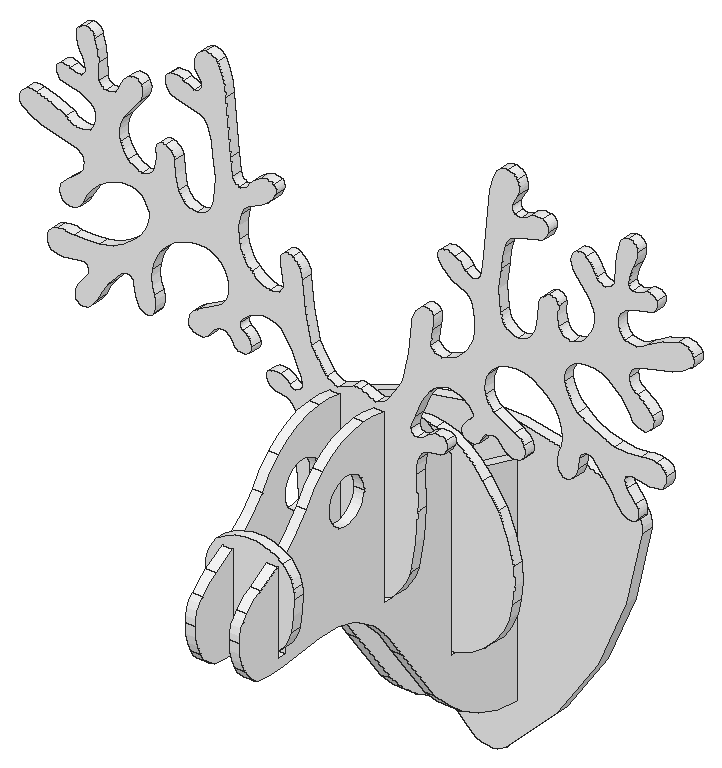
Revit family "Deerhead", category Furniture, Revit 2015 (continued)
Definition of nested family "Deerhead - Wall"
  Automatic sketch dimensions
    Extrusion 4 sketch curve to Extrusion 4 sketch curve = 28.447 mm  (x2)
    Extrusion 4 sketch curve to Extrusion 4 sketch curve = 1.394 mm  (x3)
    Extrusion 4 sketch curve to Extrusion 4 sketch curve = 9.889 mm
    Extrusion 4 sketch curve to Extrusion 4 sketch curve = 12.707 mm  (x2)
    Extrusion 4 sketch curve to Extrusion 4 sketch curve = 5.918 mm  (x2)
    Extrusion 4 sketch curve to Extrusion 4 sketch curve = 51.328 mm  (x2)
    Extrusion 4 sketch curve to Extrusion 4 sketch curve = 1.941 mm  (x2)
    Extrusion 4 sketch curve to Extrusion 4 sketch curve = 15.651 mm  (x2)
    Extrusion 4 sketch curve to Extrusion 4 sketch curve = 74.06 mm
    Extrusion 4 sketch curve to Extrusion 4 sketch curve = 23.488 mm  (x2)
    Extrusion 4 sketch curve to Extrusion 4 sketch curve = 29.396 mm  (x2)
    Extrusion 4 sketch curve to Extrusion 4 sketch curve = 22.221 mm  (x2)
    Extrusion 4 sketch curve to Extrusion 4 sketch curve = 76.594 mm  (x2)
    Extrusion 4 sketch curve to Extrusion 4 sketch curve = 2.719 mm  (x2)
    Extrusion 4 sketch curve to Extrusion 4 sketch curve = 13.937 mm  (x2)
    Extrusion 4 sketch curve to Extrusion 4 sketch curve = 0.662 mm  (x2)
    Extrusion 4 sketch curve to Extrusion 4 sketch curve = 4.678 mm
    Extrusion 4 sketch curve to Extrusion 4 sketch curve = 8.658 mm
    Extrusion 4 sketch curve to Extrusion 4 sketch curve = 6.552 mm
    plane 9 "Center (Elevation)" to Extrusion 4 sketch curve = 27.737 mm  (x2)
    Extrusion 4 sketch curve to Extrusion 4 sketch curve = 76.64 mm
    Extrusion 4 sketch curve to Extrusion 4 sketch curve = 25.701 mm
    Extrusion 4 sketch curve to Extrusion 4 sketch curve = 27.922 mm  (x2)
    Extrusion 4 sketch curve to Extrusion 4 sketch curve = 32.993 mm
    Extrusion 4 sketch curve to Extrusion 4 sketch curve = 22.291 mm  (x2)
    Extrusion 4 sketch curve to Extrusion 4 sketch curve = 7.035 mm  (x2)
    Extrusion 4 sketch curve to Extrusion 4 sketch curve = 0.809 mm  (x2)
    Extrusion 4 sketch curve to Extrusion 4 sketch curve = 44.868 mm
    Extrusion 4 sketch curve to Extrusion 4 sketch curve = 1.29 mm
    Extrusion 4 sketch curve to Extrusion 4 sketch curve = 2.231 mm
    Extrusion 4 sketch curve to Extrusion 4 sketch curve = 5.935 mm  (x2)
    Extrusion 4 sketch curve to Extrusion 4 sketch curve = 46.156 mm
    Extrusion 4 sketch curve to Extrusion 4 sketch curve = 78.721 mm  (x2)
    Extrusion 4 sketch curve to plane 9 "Center (Elevation)" = 43.787 mm  (x2)
    Extrusion 4 sketch curve to Extrusion 4 sketch curve = 37.28 mm
    Extrusion 4 sketch curve to Extrusion 4 sketch curve = 20.162 mm  (x2)
    Extrusion 4 sketch curve to Extrusion 4 sketch curve = 0.361 mm
    Extrusion 4 sketch curve to Extrusion 4 sketch curve = 3.186 mm  (x2)
    Extrusion 4 sketch curve to Extrusion 4 sketch curve = 39.692 mm
    Extrusion 4 sketch curve to Extrusion 4 sketch curve = 1.916 mm  (x2)
    Extrusion 4 sketch curve to Extrusion 4 sketch curve = 14.97 mm  (x2)
    Extrusion 4 sketch curve to Extrusion 4 sketch curve = 14.988 mm  (x2)
    plane 8 "Top" to Extrusion 4 sketch curve = 45.372 mm  (x2)
    Extrusion 4 sketch curve to plane 3 "Center (Left/Right)" = 118.688 mm
    Extrusion 4 sketch curve to Extrusion 4 sketch curve = 33.088 mm
    Extrusion 4 sketch curve to Extrusion 4 sketch curve = 0.909 mm  (x2)
    Extrusion 4 sketch curve to Extrusion 4 sketch curve = 16.86 mm  (x2)
    Extrusion 4 sketch curve to plane 3 "Center (Left/Right)" = 93.692 mm
    Extrusion 4 sketch curve to Extrusion 4 sketch curve = 16.626 mm  (x2)
    Extrusion 4 sketch curve to plane 3 "Center (Left/Right)" = 59.239 mm
    Extrusion 4 sketch curve to plane 3 "Center (Left/Right)" = 31.615 mm
    Extrusion 4 sketch curve to plane 3 "Center (Left/Right)" = 2.591 mm
    plane 3 "Center (Left/Right)" to Extrusion 4 sketch curve = 2.591 mm
    plane 3 "Center (Left/Right)" to Extrusion 4 sketch curve = 31.615 mm
    plane 3 "Center (Left/Right)" to Extrusion 4 sketch curve = 59.239 mm
    Extrusion 4 sketch curve to Extrusion 4 sketch curve = 30.111 mm
    plane 3 "Center (Left/Right)" to Extrusion 4 sketch curve = 93.692 mm
    Extrusion 4 sketch curve to Extrusion 4 sketch curve = 76.53 mm
    plane 3 "Center (Left/Right)" to Extrusion 4 sketch curve = 118.688 mm
    Extrusion 4 sketch curve to Extrusion 4 sketch curve = 12.899 mm
    Extrusion 4 sketch curve to Extrusion 4 sketch curve = 28.616 mm
    Extrusion 4 sketch curve to Extrusion 4 sketch curve = 33.996 mm
    Extrusion 4 sketch curve to Extrusion 4 sketch curve = 2.825 mm
    Extrusion 4 sketch curve to Extrusion 4 sketch curve = 12.51 mm
    Extrusion 4 sketch curve to Extrusion 4 sketch curve = 34.349 mm
    Extrusion 4 sketch curve to Extrusion 4 sketch curve = 16.506 mm
    Extrusion 4 sketch curve to Extrusion 4 sketch curve = 3.703 mm
    Extrusion 4 sketch curve to Extrusion 4 sketch curve = 4.644 mm
    Extrusion 4 sketch curve to Extrusion 4 sketch curve = 17.39 mm
    Extrusion 4 sketch curve to Extrusion 4 sketch curve = 20.457 mm
    Extrusion 4 sketch curve to Extrusion 4 sketch curve = 41.16 mm
    Extrusion 4 sketch curve to Extrusion 4 sketch curve = 1.211 mm
    Extrusion 4 sketch curve to Extrusion 4 sketch curve = 5.89 mm
    Extrusion 4 sketch curve to Extrusion 4 sketch curve = 5.94 mm
    Extrusion 4 sketch curve to plane 9 "Center (Elevation)" = 41.346 mm  (x2)
    Extrusion 4 sketch curve to Extrusion 4 sketch curve = 62.866 mm
    Extrusion 4 sketch curve to plane 8 "Top" = 30.739 mm
    Extrusion 4 sketch curve to Extrusion 4 sketch curve = 109.087 mm
    Extrusion 4 sketch curve to Extrusion 4 sketch curve = 20.604 mm
    Extrusion 4 sketch curve to Extrusion 4 sketch curve = 3.133 mm
    Extrusion 4 sketch curve to Extrusion 4 sketch curve = 7.312 mm
    Extrusion 4 sketch curve to Extrusion 4 sketch curve = 0.315 mm
    Extrusion 4 sketch curve to Extrusion 4 sketch curve = 18.227 mm
    Extrusion 4 sketch curve to Extrusion 4 sketch curve = 6.829 mm
    Extrusion 4 sketch curve to Extrusion 4 sketch curve = 16.404 mm
    plane 5 "Left" to Extrusion 4 sketch curve = 290.129 mm
    Extrusion 4 sketch curve to Extrusion 4 sketch curve = 15.616 mm
    Extrusion 4 sketch curve to Extrusion 4 sketch curve = 3.387 mm
    Extrusion 4 sketch curve to Extrusion 4 sketch curve = 56.64 mm
    Extrusion 4 sketch curve to Extrusion 4 sketch curve = 10.128 mm
    Extrusion 4 sketch curve to Extrusion 4 sketch curve = 19.256 mm
    Extrusion 4 sketch curve to Extrusion 4 sketch curve = 43.215 mm
    Extrusion 4 sketch curve to Extrusion 4 sketch curve = 25.599 mm
    Extrusion 4 sketch curve to Extrusion 4 sketch curve = 3.741 mm
    Extrusion 4 sketch curve to Extrusion 4 sketch curve = 35.042 mm
    Extrusion 4 sketch curve to Extrusion 4 sketch curve = 6.693 mm
    Extrusion 4 sketch curve to Extrusion 4 sketch curve = 41.256 mm
    Extrusion 4 sketch curve to Extrusion 4 sketch curve = 68.486 mm
    Extrusion 4 sketch curve to Extrusion 4 sketch curve = 5.418 mm
    Extrusion 4 sketch curve to Extrusion 4 sketch curve = 1.209 mm
    Extrusion 4 sketch curve to Extrusion 4 sketch curve = 6.865 mm
    Extrusion 4 sketch curve to Extrusion 4 sketch curve = 0.583 mm
    Extrusion 4 sketch curve to Extrusion 4 sketch curve = 21.88 mm
    Extrusion 4 sketch curve to Extrusion 4 sketch curve = 1.343 mm
    Extrusion 4 sketch curve to Extrusion 4 sketch curve = 23.709 mm
    plane 5 "Left" to Extrusion 4 sketch curve = 77.056 mm
    Extrusion 4 sketch curve to Extrusion 4 sketch curve = 2.053 mm
    Extrusion 4 sketch curve to Extrusion 4 sketch curve = 1.917 mm
    plane 5 "Left" to Extrusion 4 sketch curve = 21.09 mm
    Extrusion 4 sketch curve to plane 5 "Left" = 2.824 mm
    Extrusion 4 sketch curve to plane 5 "Left" = 16.363 mm
    Extrusion 4 sketch curve to plane 5 "Left" = 236.241 mm
    Extrusion 4 sketch curve to plane 9 "Center (Elevation)" = 44.603 mm
    Extrusion 4 sketch curve to Extrusion 4 sketch curve = 65.028 mm
    Extrusion 4 sketch curve to Extrusion 4 sketch curve = 0 mm  (x168)
    Extrusion 4 sketch curve to Extrusion 4 sketch curve = 41.059 mm  (x2)
    plane 9 "Center (Elevation)" to Extrusion 4 sketch curve = 32.291 mm  (x2)
    plane 9 "Center (Elevation)" to Extrusion 4 sketch curve = 44.174 mm  (x2)
    Extrusion 4 sketch curve to Extrusion 4 sketch curve = 0.245 mm  (x2)
    Extrusion 4 sketch curve to Extrusion 4 sketch curve = 9.921 mm  (x2)
    Extrusion 4 sketch curve to Extrusion 4 sketch curve = 30.497 mm  (x2)
    Extrusion 4 sketch curve to Extrusion 4 sketch curve = 25.848 mm  (x2)
    Extrusion 4 sketch curve to Extrusion 4 sketch curve = 5.414 mm  (x2)
    Extrusion 4 sketch curve to Extrusion 4 sketch curve = 9.548 mm  (x2)
    Extrusion 4 sketch curve to Extrusion 4 sketch curve = 1.414 mm  (x2)
    Extrusion 4 sketch curve to Extrusion 4 sketch curve = 7.202 mm  (x2)
    plane 9 "Center (Elevation)" to Extrusion 4 sketch curve = 101.371 mm  (x2)
    Extrusion 4 sketch curve to Extrusion 4 sketch curve = 4.509 mm  (x2)
    Extrusion 4 sketch curve to Extrusion 4 sketch curve = 3.434 mm  (x2)
    Extrusion 4 sketch curve to Extrusion 4 sketch curve = 15.585 mm
    Extrusion 4 sketch curve to Extrusion 4 sketch curve = 52.197 mm  (x2)
    Extrusion 4 sketch curve to Extrusion 4 sketch curve = 4.944 mm  (x2)
    Extrusion 4 sketch curve to Extrusion 4 sketch curve = 0.342 mm  (x2)
    Extrusion 4 sketch curve to Extrusion 4 sketch curve = 16.408 mm  (x2)
    Extrusion 4 sketch curve to Extrusion 4 sketch curve = 7.539 mm  (x2)
    Extrusion 4 sketch curve to Extrusion 4 sketch curve = 4.275 mm  (x2)
    Extrusion 4 sketch curve to Extrusion 4 sketch curve = 27.292 mm  (x2)
    Extrusion 4 sketch curve to Extrusion 4 sketch curve = 7.69 mm  (x2)
    Extrusion 4 sketch curve to Extrusion 4 sketch curve = 6.738 mm  (x2)
    Extrusion 4 sketch curve to Extrusion 4 sketch curve = 5.403 mm  (x2)
    Extrusion 4 sketch curve to Extrusion 4 sketch curve = 6.179 mm  (x2)
    Extrusion 4 sketch curve to Extrusion 4 sketch curve = 4.533 mm  (x2)
    Extrusion 4 sketch curve to Extrusion 4 sketch curve = 4.02 mm  (x2)
    Extrusion 4 sketch curve to Extrusion 4 sketch curve = 5.282 mm  (x2)
    Extrusion 4 sketch curve to Extrusion 4 sketch curve = 7.342 mm  (x2)
    Extrusion 4 sketch curve to Extrusion 4 sketch curve = 3.441 mm  (x2)
    Extrusion 4 sketch curve to Extrusion 4 sketch curve = 9.272 mm  (x2)
    Extrusion 4 sketch curve to Extrusion 4 sketch curve = 9.277 mm  (x2)
    Extrusion 4 sketch curve to Extrusion 4 sketch curve = 2.513 mm  (x2)
    Extrusion 4 sketch curve to Extrusion 4 sketch curve = 17.338 mm  (x2)
    Extrusion 4 sketch curve to Extrusion 4 sketch curve = 1.201 mm  (x2)
    Extrusion 4 sketch curve to Extrusion 4 sketch curve = 34.188 mm  (x2)
    Extrusion 4 sketch curve to Extrusion 4 sketch curve = 15.996 mm  (x2)
    Extrusion 4 sketch curve to Extrusion 4 sketch curve = 1.4 mm  (x2)
    Extrusion 4 sketch curve to Extrusion 4 sketch curve = 21.892 mm  (x2)
    Extrusion 4 sketch curve to Extrusion 4 sketch curve = 20.964 mm  (x2)
    Extrusion 4 sketch curve to Extrusion 4 sketch curve = 37.505 mm  (x2)
    Extrusion 4 sketch curve to Extrusion 4 sketch curve = 16.884 mm  (x2)
    Extrusion 4 sketch curve to Extrusion 4 sketch curve = 4.042 mm  (x2)
    Extrusion 4 sketch curve to Extrusion 4 sketch curve = 1.68 mm  (x2)
    Extrusion 4 sketch curve to Extrusion 4 sketch curve = 12.129 mm  (x2)
    Extrusion 4 sketch curve to Extrusion 4 sketch curve = 22.738 mm  (x2)
    Extrusion 4 sketch curve to Extrusion 4 sketch curve = 13.049 mm  (x2)
    Extrusion 4 sketch curve to Extrusion 4 sketch curve = 16.979 mm  (x2)
    Extrusion 4 sketch curve to Extrusion 4 sketch curve = 3.705 mm  (x2)
    Extrusion 4 sketch curve to Extrusion 4 sketch curve = 57.633 mm  (x2)
    Extrusion 4 sketch curve to Extrusion 4 sketch curve = 2.288 mm  (x2)
    Extrusion 4 sketch curve to Extrusion 4 sketch curve = 81.408 mm  (x2)
    Extrusion 4 sketch curve to Extrusion 4 sketch curve = 39.656 mm  (x2)
    Extrusion 4 sketch curve to Extrusion 4 sketch curve = 28.836 mm  (x2)
    Extrusion 4 sketch curve to Extrusion 4 sketch curve = 44.491 mm  (x2)
    Extrusion 4 sketch curve to Extrusion 4 sketch curve = 9.909 mm  (x2)
    Extrusion 4 sketch curve to Extrusion 4 sketch curve = 59.415 mm  (x2)
    Extrusion 4 sketch curve to Extrusion 4 sketch curve = 13.208 mm  (x2)
    Extrusion 4 sketch curve to Extrusion 4 sketch curve = 6.371 mm  (x2)
    Extrusion 4 sketch curve to Extrusion 4 sketch curve = 26.24 mm  (x2)
    Extrusion 4 sketch curve to Extrusion 4 sketch curve = 27.183 mm  (x2)
    Extrusion 4 sketch curve to Extrusion 4 sketch curve = 17.888 mm  (x2)
    Extrusion 4 sketch curve to Extrusion 4 sketch curve = 12.681 mm  (x2)
    Extrusion 4 sketch curve to Extrusion 4 sketch curve = 20.845 mm  (x2)
    Extrusion 4 sketch curve to Extrusion 4 sketch curve = 17.371 mm  (x2)
    Extrusion 4 sketch curve to Extrusion 4 sketch curve = 1.979 mm  (x2)
    Extrusion 4 sketch curve to Extrusion 4 sketch curve = 18.815 mm  (x2)
    Extrusion 4 sketch curve to Extrusion 4 sketch curve = 50.274 mm  (x2)
    Extrusion 4 sketch curve to Extrusion 4 sketch curve = 0.056 mm  (x2)
    Extrusion 4 sketch curve to Extrusion 4 sketch curve = 74.306 mm  (x2)
    Extrusion 4 sketch curve to Extrusion 4 sketch curve = 26.843 mm  (x2)
    Extrusion 4 sketch curve to Extrusion 4 sketch curve = 10.564 mm  (x2)
    Extrusion 4 sketch curve to Extrusion 4 sketch curve = 23.202 mm  (x2)
    Extrusion 4 sketch curve to Extrusion 4 sketch curve = 53.768 mm  (x2)
    Extrusion 4 sketch curve to Extrusion 4 sketch curve = 1.504 mm  (x2)
    Extrusion 4 sketch curve to Extrusion 4 sketch curve = 71.498 mm  (x2)
    Extrusion 4 sketch curve to Extrusion 4 sketch curve = 34.148 mm  (x2)
    Extrusion 4 sketch curve to Extrusion 4 sketch curve = 39.212 mm  (x2)
    Extrusion 4 sketch curve to Extrusion 4 sketch curve = 9.906 mm  (x2)
    Extrusion 4 sketch curve to Extrusion 4 sketch curve = 12.502 mm  (x2)
    Extrusion 4 sketch curve to Extrusion 4 sketch curve = 14.801 mm  (x2)
    Extrusion 4 sketch curve to Extrusion 4 sketch curve = 3.019 mm  (x2)
    Extrusion 4 sketch curve to Extrusion 4 sketch curve = 16.007 mm  (x2)
    Extrusion 4 sketch curve to Extrusion 4 sketch curve = 40.987 mm  (x2)
    Extrusion 4 sketch curve to Extrusion 4 sketch curve = 16.138 mm  (x2)
    Extrusion 4 sketch curve to Extrusion 4 sketch curve = 0.452 mm  (x2)
    Extrusion 4 sketch curve to Extrusion 4 sketch curve = 1.549 mm  (x2)
    Extrusion 4 sketch curve to Extrusion 4 sketch curve = 10.416 mm  (x2)
    Extrusion 4 sketch curve to Extrusion 4 sketch curve = 13.326 mm  (x2)
    Extrusion 4 sketch curve to Extrusion 4 sketch curve = 9.834 mm  (x2)
    Extrusion 4 sketch curve to Extrusion 4 sketch curve = 10.095 mm  (x2)
    Extrusion 4 sketch curve to Extrusion 4 sketch curve = 2.36 mm  (x2)
    Extrusion 4 sketch curve to Extrusion 4 sketch curve = 11.039 mm  (x2)
    Extrusion 4 sketch curve to Extrusion 4 sketch curve = 25.453 mm  (x2)
    Extrusion 4 sketch curve to Extrusion 4 sketch curve = 14.083 mm  (x2)
    Extrusion 4 sketch curve to Extrusion 4 sketch curve = 10.272 mm  (x2)
    Extrusion 4 sketch curve to Extrusion 4 sketch curve = 22.117 mm  (x2)
    Extrusion 4 sketch curve to Extrusion 4 sketch curve = 53.808 mm  (x2)
    Extrusion 4 sketch curve to Extrusion 4 sketch curve = 36.451 mm  (x2)
    Extrusion 4 sketch curve to Extrusion 4 sketch curve = 34.413 mm  (x2)
    Extrusion 4 sketch curve to Extrusion 4 sketch curve = 6.366 mm  (x2)
    Extrusion 4 sketch curve to Extrusion 4 sketch curve = 2.646 mm  (x2)
    Extrusion 4 sketch curve to Extrusion 4 sketch curve = 16.244 mm  (x2)
    Extrusion 4 sketch curve to Extrusion 4 sketch curve = 59.322 mm  (x2)
    Extrusion 4 sketch curve to Extrusion 4 sketch curve = 16.707 mm  (x2)
    Extrusion 4 sketch curve to Extrusion 4 sketch curve = 5.104 mm  (x2)
    Extrusion 4 sketch curve to Extrusion 4 sketch curve = 5.305 mm  (x2)
    Extrusion 4 sketch curve to Extrusion 4 sketch curve = 1.599 mm  (x2)
    Extrusion 4 sketch curve to Extrusion 4 sketch curve = 12.001 mm  (x2)
    Extrusion 4 sketch curve to Extrusion 4 sketch curve = 65.985 mm  (x2)
    Extrusion 4 sketch curve to Extrusion 4 sketch curve = 44.208 mm  (x2)
    Extrusion 4 sketch curve to Extrusion 4 sketch curve = 29.695 mm  (x2)
    Extrusion 4 sketch curve to Extrusion 4 sketch curve = 6.246 mm  (x2)
    Extrusion 4 sketch curve to Extrusion 4 sketch curve = 10.775 mm  (x2)
    Extrusion 4 sketch curve to Extrusion 4 sketch curve = 1.275 mm  (x2)
    Extrusion 4 sketch curve to Extrusion 4 sketch curve = 5.121 mm  (x2)
    Extrusion 4 sketch curve to Extrusion 4 sketch curve = 33.419 mm  (x2)
    Extrusion 4 sketch curve to Extrusion 4 sketch curve = 30.392 mm  (x2)
    Extrusion 4 sketch curve to Extrusion 4 sketch curve = 3.258 mm  (x2)
    Extrusion 4 sketch curve to Extrusion 4 sketch curve = 6.143 mm  (x2)
    Extrusion 4 sketch curve to Extrusion 4 sketch curve = 1.784 mm  (x2)
    Extrusion 4 sketch curve to Extrusion 4 sketch curve = 0.806 mm  (x2)
    Extrusion 4 sketch curve to Extrusion 4 sketch curve = 16.405 mm  (x2)
    Extrusion 4 sketch curve to Extrusion 4 sketch curve = 20.442 mm
    Extrusion 4 sketch curve to Extrusion 4 sketch curve = 1.285 mm  (x2)
    Extrusion 4 sketch curve to Extrusion 4 sketch curve = 1.214 mm  (x2)
    plane 8 "Top" to Extrusion 4 sketch curve = 28.524 mm  (x2)
    plane 8 "Top" to Extrusion 4 sketch curve = 78.625 mm  (x2)
    Extrusion 4 sketch curve to Extrusion 4 sketch curve = 572.213 mm  (x2)
    Extrusion 4 sketch curve to Extrusion 4 sketch curve = 7.841 mm
    Extrusion 4 sketch curve to Extrusion 4 sketch curve = 22.569 mm
    Extrusion 4 sketch curve to Extrusion 4 sketch curve = 16.652 mm  (x2)
    Extrusion 4 sketch curve to Extrusion 4 sketch curve = 2.393 mm
    Extrusion 4 sketch curve to Extrusion 4 sketch curve = 9.147 mm
    Extrusion 4 sketch curve to Extrusion 4 sketch curve = 7.536 mm  (x2)
    Extrusion 4 sketch curve to Extrusion 4 sketch curve = 16.261 mm
    Extrusion 4 sketch curve to Extrusion 4 sketch curve = 7.484 mm  (x2)
    Extrusion 4 sketch curve to Extrusion 4 sketch curve = 3.79 mm  (x2)
    Extrusion 4 sketch curve to Extrusion 4 sketch curve = 6.365 mm
    Extrusion 4 sketch curve to Extrusion 4 sketch curve = 20.071 mm  (x2)
    Extrusion 4 sketch curve to Extrusion 4 sketch curve = 13.736 mm
    Extrusion 4 sketch curve to Extrusion 4 sketch curve = 7.188 mm
    Extrusion 4 sketch curve to Extrusion 4 sketch curve = 7.966 mm
    Extrusion 4 sketch curve to Extrusion 4 sketch curve = 1.489 mm
    Extrusion 4 sketch curve to Extrusion 4 sketch curve = 8.688 mm  (x2)
    Extrusion 4 sketch curve to Extrusion 4 sketch curve = 17.042 mm  (x2)
    Extrusion 4 sketch curve to Extrusion 4 sketch curve = 15.191 mm  (x2)
    Extrusion 4 sketch curve to Extrusion 4 sketch curve = 18.262 mm  (x2)
    Extrusion 4 sketch curve to Extrusion 4 sketch curve = 8.1 mm
    Extrusion 4 sketch curve to Extrusion 4 sketch curve = 10.817 mm  (x2)
    Extrusion 4 sketch curve to Extrusion 4 sketch curve = 2.127 mm  (x2)
    Extrusion 4 sketch curve to Extrusion 4 sketch curve = 34.661 mm
    Extrusion 4 sketch curve to Extrusion 4 sketch curve = 13.223 mm  (x2)
    Extrusion 4 sketch curve to Extrusion 4 sketch curve = 3.173 mm  (x2)
    Extrusion 4 sketch curve to Extrusion 4 sketch curve = 8.464 mm
    Extrusion 4 sketch curve to Extrusion 4 sketch curve = 4.069 mm
    Extrusion 4 sketch curve to Extrusion 4 sketch curve = 20.833 mm  (x2)
    Extrusion 4 sketch curve to Extrusion 4 sketch curve = 19.088 mm
    Extrusion 4 sketch curve to Extrusion 4 sketch curve = 18.281 mm
    Extrusion 4 sketch curve to Extrusion 4 sketch curve = 18.475 mm
    Extrusion 4 sketch curve to Extrusion 4 sketch curve = 2.614 mm  (x2)
    Extrusion 4 sketch curve to Extrusion 4 sketch curve = 13.9 mm
    Extrusion 4 sketch curve to plane 8 "Top" = 4.989 mm  (x2)
    Extrusion 4 sketch curve to Extrusion 4 sketch curve = 1.177 mm  (x2)
    Extrusion 4 sketch curve to Extrusion 4 sketch curve = 7.155 mm
    Extrusion 4 sketch curve to plane 8 "Top" = 14.888 mm  (x2)
    Extrusion 4 sketch curve to Extrusion 4 sketch curve = 5.562 mm  (x2)
    Extrusion 4 sketch curve to Extrusion 4 sketch curve = 30.239 mm
    Extrusion 4 sketch curve to Extrusion 4 sketch curve = 6.981 mm
    Extrusion 4 sketch curve to Extrusion 4 sketch curve = 11.777 mm
    Extrusion 4 sketch curve to Extrusion 4 sketch curve = 16.089 mm  (x2)
    Extrusion 4 sketch curve to Extrusion 4 sketch curve = 5.726 mm
    Extrusion 4 sketch curve to Extrusion 4 sketch curve = 6.788 mm  (x2)
    Extrusion 4 sketch curve to Extrusion 4 sketch curve = 10.082 mm  (x2)
    Extrusion 4 sketch curve to Extrusion 4 sketch curve = 3.632 mm  (x2)
    Extrusion 4 sketch curve to Extrusion 4 sketch curve = 3.844 mm
    Extrusion 4 sketch curve to Extrusion 4 sketch curve = 0.838 mm  (x2)
    Extrusion 4 sketch curve to Extrusion 4 sketch curve = 16.498 mm
    Extrusion 4 sketch curve to plane 9 "Center (Elevation)" = 32.469 mm
    Extrusion 4 sketch curve to Extrusion 4 sketch curve = 5.33 mm  (x2)
    Extrusion 4 sketch curve to Extrusion 4 sketch curve = 50.721 mm
    Extrusion 4 sketch curve to Extrusion 4 sketch curve = 34.527 mm  (x2)
    Extrusion 4 sketch curve to Extrusion 4 sketch curve = 20.859 mm
    Extrusion 4 sketch curve to Extrusion 4 sketch curve = 28.112 mm
    Extrusion 4 sketch curve to Extrusion 4 sketch curve = 25.73 mm
    Extrusion 4 sketch curve to Extrusion 4 sketch curve = 12.004 mm
    Extrusion 4 sketch curve to Extrusion 4 sketch curve = 2.397 mm
    plane 9 "Center (Elevation)" to Extrusion 4 sketch curve = 26.793 mm
    Extrusion 4 sketch curve to Extrusion 4 sketch curve = 4.175 mm
    Extrusion 4 sketch curve to Extrusion 4 sketch curve = 19.748 mm
    Extrusion 4 sketch curve to Extrusion 4 sketch curve = 9.795 mm
    Extrusion 4 sketch curve to Extrusion 4 sketch curve = 10.241 mm
    Extrusion 4 sketch curve to Extrusion 4 sketch curve = 11.354 mm
    Extrusion 4 sketch curve to Extrusion 4 sketch curve = 15.092 mm
    Extrusion 4 sketch curve to Extrusion 4 sketch curve = 29.711 mm
    Extrusion 4 sketch curve to Extrusion 4 sketch curve = 6.686 mm
    Extrusion 4 sketch curve to Extrusion 4 sketch curve = 28.854 mm
    Extrusion 4 sketch curve to Extrusion 4 sketch curve = 31.641 mm
    Extrusion 4 sketch curve to Extrusion 4 sketch curve = 30.866 mm
    Extrusion 4 sketch curve to Extrusion 4 sketch curve = 11.741 mm
    Extrusion 4 sketch curve to Extrusion 4 sketch curve = 7.732 mm
    Extrusion 4 sketch curve to Extrusion 4 sketch curve = 8.667 mm
    Extrusion 4 sketch curve to Extrusion 4 sketch curve = 13.94 mm
    Extrusion 4 sketch curve to Extrusion 4 sketch curve = 14.019 mm
    Extrusion 4 sketch curve to Extrusion 4 sketch curve = 11.928 mm
    Extrusion 4 sketch curve to Extrusion 4 sketch curve = 5.233 mm
    Extrusion 4 sketch curve to Extrusion 4 sketch curve = 22.578 mm
    Extrusion 4 sketch curve to Extrusion 4 sketch curve = 10.097 mm
    Extrusion 4 sketch curve to Extrusion 4 sketch curve = 10.29 mm
    Extrusion 4 sketch curve to Extrusion 4 sketch curve = 5.684 mm
    Extrusion 4 sketch curve to Extrusion 4 sketch curve = 2.921 mm
    Extrusion 4 sketch curve to Extrusion 4 sketch curve = 11.08 mm
    Extrusion 5 sketch curve to Extrusion 5 sketch curve = 0 mm  (x8)
    Extrusion 5 sketch curve to plane 1 "Center (Front/Back)" = 0 mm
    plane 1 "Center (Front/Back)" to Extrusion 5 sketch curve = 5.175 mm
    plane 1 "Center (Front/Back)" to Extrusion 5 sketch curve = 18.36 mm
    plane 1 "Center (Front/Back)" to Extrusion 5 sketch curve = 39.06 mm
    Extrusion 5 sketch curve to Extrusion 5 sketch curve = 13.289 mm
    Extrusion 5 sketch curve to Extrusion 5 sketch curve = 0.429 mm
    plane 9 "Center (Elevation)" to Extrusion 5 sketch curve = 0.445 mm
    Extrusion 5 sketch curve to Extrusion 5 sketch curve = 49.866 mm
    plane 1 "Center (Front/Back)" to Extrusion 5 sketch curve = 142.859 mm
    Extrusion 5 sketch curve to Extrusion 5 sketch curve = 46.448 mm
    Extrusion 5 sketch curve to plane 4 "Front" = 104.042 mm
    Extrusion 5 sketch curve to plane 9 "Center (Elevation)" = 24.926 mm
    Extrusion 5 sketch curve to plane 4 "Front" = 99.14 mm
    Extrusion 5 sketch curve to Extrusion 5 sketch curve = 7.895 mm
    Extrusion 5 sketch curve to Extrusion 5 sketch curve = 18 mm  (x2)
    Extrusion 5 sketch curve to Extrusion 5 sketch curve = 10.911 mm
    Extrusion 5 sketch curve to Extrusion 5 sketch curve = 37.333 mm
    Extrusion 5 sketch curve to Extrusion 5 sketch curve = 5.94 mm
    Extrusion 5 sketch curve to plane 4 "Front" = 0.408 mm
    plane 4 "Front" to Extrusion 5 sketch curve = 4065.564 mm
    Extrusion 5 sketch curve to plane 1 "Center (Front/Back)" = 69.984 mm
    Extrusion 5 sketch curve to plane 1 "Center (Front/Back)" = 129.64 mm
    Extrusion 5 sketch curve to plane 6 "Back" = 60.239 mm  (x2)
    Extrusion 5 sketch curve to plane 6 "Back" = 50.252 mm
    Extrusion 5 sketch curve to plane 6 "Back" = 45.201 mm
    Extrusion 5 sketch curve to Extrusion 5 sketch curve = 10.013 mm
    Extrusion 5 sketch curve to plane 6 "Back" = 7.239 mm  (x4)
    Extrusion 5 sketch curve to plane 6 "Back" = 2.239 mm  (x2)
    plane 6 "Back" to Extrusion 5 sketch curve = 6.147 mm
    Extrusion 5 sketch curve to Extrusion 5 sketch curve = 634.88 mm
    plane 6 "Back" to Extrusion 5 sketch curve = 1316.325 mm
    Extrusion 5 sketch curve to plane 9 "Center (Elevation)" = 26.39 mm
    Extrusion 5 sketch curve to plane 9 "Center (Elevation)" = 33.241 mm
    Extrusion 5 sketch curve to Extrusion 5 sketch curve = 11.6 mm
    Extrusion 5 sketch curve to Extrusion 5 sketch curve = 5.342 mm
    Extrusion 5 sketch curve to Extrusion 5 sketch curve = 5.589 mm
    Extrusion 5 sketch curve to Extrusion 5 sketch curve = 18.225 mm
    Extrusion 5 sketch curve to Extrusion 5 sketch curve = 44.754 mm
    Extrusion 5 sketch curve to plane 9 "Center (Elevation)" = 98.289 mm
    Extrusion 5 sketch curve to Extrusion 5 sketch curve = 83.38 mm
    Extrusion 5 sketch curve to Extrusion 5 sketch curve = 7.971 mm
    Extrusion 5 sketch curve to Extrusion 5 sketch curve = 27.293 mm
    Extrusion 5 sketch curve to Extrusion 5 sketch curve = 40.304 mm
    Extrusion 5 sketch curve to Extrusion 5 sketch curve = 80.613 mm
    Extrusion 5 sketch curve to Extrusion 5 sketch curve = 15.668 mm
    Extrusion 5 sketch curve to Extrusion 5 sketch curve = 109.592 mm
    Extrusion 5 sketch curve to Extrusion 5 sketch curve = 53.415 mm
    Extrusion 5 sketch curve to Extrusion 5 sketch curve = 22.273 mm
    Extrusion 5 sketch curve to Extrusion 5 sketch curve = 39.312 mm
    Extrusion 5 sketch curve to Extrusion 5 sketch curve = 49.353 mm
    Extrusion 5 sketch curve to Extrusion 5 sketch curve = 70 mm
    level to Extrusion 5 sketch curve = 181.081 mm
    Extrusion 5 sketch curve to Extrusion 5 sketch curve = 20.497 mm
    level to Extrusion 5 sketch curve = 90.001 mm
    Extrusion 5 sketch curve to level = 1979.748 mm
    Extrusion 5 sketch curve to level = 2723.485 mm
    Extrusion 5 sketch curve to Extrusion 5 sketch curve = 876.245 mm
    Extrusion 5 sketch curve to plane 9 "Center (Elevation)" = 18.333 mm
    Extrusion 5 sketch curve to Extrusion 5 sketch curve = 50.567 mm
    Extrusion 5 sketch curve to Extrusion 5 sketch curve = 5.284 mm
    plane 9 "Center (Elevation)" to Extrusion 5 sketch curve = 115.637 mm
    plane 9 "Center (Elevation)" to Extrusion 5 sketch curve = 138.471 mm
    Extrusion 5 sketch curve to Extrusion 5 sketch curve = 137.734 mm
    Extrusion 5 sketch curve to plane 8 "Top" = 216.151 mm
    Extrusion 5 sketch curve to Extrusion 5 sketch curve = 65.008 mm
    Extrusion 5 sketch curve to Extrusion 5 sketch curve = 70.718 mm
    Extrusion 5 sketch curve to Extrusion 5 sketch curve = 37.638 mm
    Extrusion 5 sketch curve to plane 4 "Front" = 39.587 mm
    Extrusion 5 sketch curve to plane 1 "Center (Front/Back)" = 20.225 mm
    Extrusion 5 sketch curve to Extrusion 5 sketch curve = 57.826 mm
    Extrusion 6 sketch curve to Extrusion 6 sketch curve = 0 mm  (x8)
    Extrusion 6 sketch curve to plane 1 "Center (Front/Back)" = 0 mm
    plane 1 "Center (Front/Back)" to Extrusion 6 sketch curve = 5.175 mm
    plane 1 "Center (Front/Back)" to Extrusion 6 sketch curve = 18.36 mm
    plane 1 "Center (Front/Back)" to Extrusion 6 sketch curve = 39.06 mm
    Extrusion 6 sketch curve to Extrusion 6 sketch curve = 13.289 mm
    Extrusion 6 sketch curve to Extrusion 6 sketch curve = 0.429 mm
    plane 9 "Center (Elevation)" to Extrusion 6 sketch curve = 0.445 mm
    Extrusion 6 sketch curve to Extrusion 6 sketch curve = 49.866 mm
    plane 1 "Center (Front/Back)" to Extrusion 6 sketch curve = 142.859 mm
    Extrusion 6 sketch curve to Extrusion 6 sketch curve = 46.448 mm
    Extrusion 6 sketch curve to plane 4 "Front" = 104.042 mm
    Extrusion 6 sketch curve to plane 9 "Center (Elevation)" = 24.926 mm
    Extrusion 6 sketch curve to plane 4 "Front" = 99.14 mm
    Extrusion 6 sketch curve to Extrusion 6 sketch curve = 7.895 mm
    Extrusion 6 sketch curve to Extrusion 6 sketch curve = 18 mm  (x2)
    Extrusion 6 sketch curve to Extrusion 6 sketch curve = 10.911 mm
    Extrusion 6 sketch curve to Extrusion 6 sketch curve = 37.333 mm
    Extrusion 6 sketch curve to Extrusion 6 sketch curve = 5.94 mm
    Extrusion 6 sketch curve to plane 4 "Front" = 0.408 mm
    plane 4 "Front" to Extrusion 6 sketch curve = 4065.564 mm
    Extrusion 6 sketch curve to plane 1 "Center (Front/Back)" = 69.984 mm
    Extrusion 6 sketch curve to plane 1 "Center (Front/Back)" = 129.64 mm
    Extrusion 6 sketch curve to plane 6 "Back" = 60.239 mm  (x2)
    Extrusion 6 sketch curve to plane 6 "Back" = 50.252 mm
    Extrusion 6 sketch curve to plane 6 "Back" = 45.201 mm
    Extrusion 6 sketch curve to Extrusion 6 sketch curve = 10.013 mm
    Extrusion 6 sketch curve to plane 6 "Back" = 7.239 mm  (x4)
    Extrusion 6 sketch curve to plane 6 "Back" = 2.239 mm  (x2)
    plane 6 "Back" to Extrusion 6 sketch curve = 6.147 mm
    Extrusion 6 sketch curve to Extrusion 6 sketch curve = 634.88 mm
    plane 6 "Back" to Extrusion 6 sketch curve = 1316.325 mm
    plane 9 "Center (Elevation)" to Extrusion 6 sketch curve = 101.196 mm
    Extrusion 6 sketch curve to Extrusion 6 sketch curve = 5.284 mm
    plane 9 "Center (Elevation)" to Extrusion 6 sketch curve = 115.637 mm
    plane 9 "Center (Elevation)" to Extrusion 6 sketch curve = 138.471 mm
    Extrusion 6 sketch curve to Extrusion 6 sketch curve = 137.734 mm
    Extrusion 6 sketch curve to plane 8 "Top" = 216.151 mm
    Extrusion 6 sketch curve to plane 9 "Center (Elevation)" = 18.333 mm
    Extrusion 6 sketch curve to plane 9 "Center (Elevation)" = 26.39 mm
    Extrusion 6 sketch curve to plane 9 "Center (Elevation)" = 33.241 mm
    Extrusion 6 sketch curve to Extrusion 6 sketch curve = 18.193 mm
    Extrusion 6 sketch curve to Extrusion 6 sketch curve = 5.342 mm
    Extrusion 6 sketch curve to Extrusion 6 sketch curve = 5.589 mm
    Extrusion 6 sketch curve to Extrusion 6 sketch curve = 18.225 mm
    Extrusion 6 sketch curve to Extrusion 6 sketch curve = 44.754 mm
    Extrusion 6 sketch curve to Extrusion 6 sketch curve = 18.121 mm
    Extrusion 6 sketch curve to Extrusion 6 sketch curve = 83.38 mm
    Extrusion 6 sketch curve to Extrusion 6 sketch curve = 7.971 mm
    Extrusion 6 sketch curve to Extrusion 6 sketch curve = 27.293 mm
    Extrusion 6 sketch curve to Extrusion 6 sketch curve = 40.304 mm
    Extrusion 6 sketch curve to Extrusion 6 sketch curve = 80.613 mm
    Extrusion 6 sketch curve to Extrusion 6 sketch curve = 15.668 mm
    Extrusion 6 sketch curve to Extrusion 6 sketch curve = 109.592 mm
    Extrusion 6 sketch curve to Extrusion 6 sketch curve = 53.415 mm
    Extrusion 6 sketch curve to Extrusion 6 sketch curve = 22.273 mm
    Extrusion 6 sketch curve to Extrusion 6 sketch curve = 39.312 mm
    Extrusion 6 sketch curve to Extrusion 6 sketch curve = 49.353 mm
    Extrusion 6 sketch curve to Extrusion 6 sketch curve = 70 mm
    level to Extrusion 6 sketch curve = 181.081 mm
    Extrusion 6 sketch curve to Extrusion 6 sketch curve = 20.497 mm
    level to Extrusion 6 sketch curve = 90.001 mm
    Extrusion 6 sketch curve to level = 1979.748 mm
    Extrusion 6 sketch curve to level = 2723.485 mm
    Extrusion 6 sketch curve to Extrusion 6 sketch curve = 876.245 mm
    Extrusion 6 sketch curve to Extrusion 6 sketch curve = 65.008 mm
    Extrusion 6 sketch curve to Extrusion 6 sketch curve = 70.718 mm
    Extrusion 6 sketch curve to Extrusion 6 sketch curve = 37.638 mm
    Extrusion 6 sketch curve to plane 4 "Front" = 39.587 mm
    Extrusion 6 sketch curve to plane 1 "Center (Front/Back)" = 20.225 mm
    Extrusion 6 sketch curve to Extrusion 6 sketch curve = 57.826 mm
    Extrusion 7 sketch curve to plane 6 "Back" = 0 mm  (x2)
    Extrusion 7 sketch curve to plane 6 "Back" = 2 mm
    Extrusion 7 sketch curve to plane 3 "Center (Left/Right)" = 98.94 mm
    Extrusion 7 sketch curve to Extrusion 7 sketch curve = 26 mm
    Extrusion 7 sketch curve to Extrusion 7 sketch curve = 0.024 mm  (x3)
    Extrusion 7 sketch curve to Extrusion 7 sketch curve = 1.976 mm
    Extrusion 7 sketch curve to Extrusion 7 sketch curve = 2 mm  (x2)
    Extrusion 7 sketch curve to Extrusion 7 sketch curve = 4 mm  (x2)
    Extrusion 7 sketch curve to Extrusion 7 sketch curve = 0 mm  (x2)
    Extrusion 7 sketch curve to plane 6 "Back" = 42.239 mm
    plane 3 "Center (Left/Right)" to Extrusion 7 sketch curve = 64.94 mm
    Extrusion 7 sketch curve to plane 6 "Back" = 3.976 mm
    Extrusion 7 sketch curve to Extrusion 7 sketch curve = 26.024 mm
    Extrusion 7 sketch curve to Extrusion 7 sketch curve = 0.239 mm
    Extrusion 8 sketch curve to plane 3 "Center (Left/Right)" = 108.948 mm
    Extrusion 8 sketch curve to Extrusion 8 sketch curve = 10.008 mm  (x2)
    Extrusion 8 sketch curve to Extrusion 8 sketch curve = 9.992 mm  (x3)
    plane 3 "Center (Left/Right)" to Extrusion 8 sketch curve = 88.948 mm
    Extrusion 8 sketch curve to Extrusion 8 sketch curve = 0 mm  (x2)
    Extrusion 8 sketch curve to plane 9 "Center (Elevation)" = 263.902 mm
    Extrusion 8 sketch curve to Extrusion 8 sketch curve = 5 mm  (x3)
    Extrusion 8 sketch curve to Extrusion 8 sketch curve = 10.015 mm  (x2)
    Extrusion 8 sketch curve to Extrusion 8 sketch curve = 14.992 mm
    plane 1 "Center (Front/Back)" to Masking region 1 sketch curve = 0 mm  (x3)
    Masking region 1 sketch curve to plane 7 "Right" = 0.753 mm
    Masking region 1 sketch curve to plane 6 "Back" = 60.239 mm  (x2)
    Masking region 1 sketch curve to plane 3 "Center (Left/Right)" = 272.3 mm
    Masking region 1 sketch curve to plane 3 "Center (Left/Right)" = 161.484 mm
    Masking region 1 sketch curve to plane 3 "Center (Left/Right)" = 77.679 mm
    Masking region 1 sketch curve to plane 3 "Center (Left/Right)" = 48.26 mm  (x2)
    Masking region 1 sketch curve to Masking region 1 sketch curve = 0 mm  (x11)
    plane 4 "Front" to Masking region 1 sketch curve = 2.512 mm  (x2)
    Masking region 1 sketch curve to plane 6 "Back" = 2.239 mm  (x2)
    Masking region 1 sketch curve to Masking region 1 sketch curve = 18 mm  (x14)
    plane 3 "Center (Left/Right)" to Masking region 1 sketch curve = 30.26 mm  (x3)
    Masking region 1 sketch curve to Masking region 1 sketch curve = 29.419 mm
    Masking region 1 sketch curve to Masking region 1 sketch curve = 113.225 mm
    Masking region 1 sketch curve to Masking region 1 sketch curve = 110.815 mm
    Masking region 1 sketch curve to plane 5 "Left" = 0.753 mm
    Masking region 1 sketch curve to plane 4 "Front" = 81.14 mm  (x2)
    Masking region 1 sketch curve to Masking region 1 sketch curve = 18.36 mm
    plane 1 "Center (Front/Back)" to Masking region 1 sketch curve = 18.36 mm
    Masking region 1 sketch curve to plane 1 "Center (Front/Back)" = 129.64 mm  (x3)
    Masking region 1 sketch curve to Masking region 1 sketch curve = 20 mm  (x2)
    curve 48 to plane 7 "Right" = 0.753 mm
    curve 51 to plane 3 "Center (Left/Right)" = 77.679 mm
    plane 4 "Front" to curve 52 = 2.512 mm
    curve 52 to plane 3 "Center (Left/Right)" = 48.26 mm
    curve 41 to plane 6 "Back" = 2.239 mm
    curve 41 to curve 41 = 18 mm
    curve 52 to curve 53 = 18 mm
    curve 55 to curve 54 = 0 mm
    curve 59 to plane 6 "Back" = 2.239 mm
    curve 59 to curve 59 = 18 mm
    curve 65 to plane 5 "Left" = 0.753 mm
    plane 4 "Front" to curve 70 = 2.512 mm
    curve 54 to curve 55 = 18 mm
    curve 63 to plane 1 "Center (Front/Back)" = 129.64 mm
    plane 1 "Center (Front/Back)" to curve 65 = 18.36 mm
    curve 68 to curve 66 = 0 mm
    curve 66 to curve 67 = 29.419 mm
    curve 52 to plane 4 "Front" = 81.14 mm
    curve 64 to curve 63 = 113.225 mm
    curve 63 to curve 61 = 110.815 mm
    curve 45 to curve 44 = 113.225 mm
    curve 43 to plane 6 "Back" = 40.239 mm
    curve 43 to curve 45 = 110.815 mm
    curve 42 to curve 44 = 0 mm
    plane 3 "Center (Left/Right)" to curve 59 = 30.26 mm
    curve 44 to curve 42 = 20 mm
    curve 73 to curve 74 = 0 mm
    curve 78 to curve 57 = 18 mm
    curve 70 to curve 71 = 0 mm
    plane 1 "Center (Front/Back)" to curve 48 = 0 mm
    curve 56 to curve 16 = 0 mm  (x2)
    curve 64 to curve 24 = 0 mm  (x2)
    curve 72 to curve 32 = 0 mm  (x2)
    plane 1 "Center (Front/Back)" to curve 6 = 0 mm
    plane 1 "Center (Front/Back)" to curve 46 = 0 mm
    plane 1 "Center (Front/Back)" to curve 56 = 0 mm
    plane 1 "Center (Front/Back)" to curve 16 = 0 mm
    plane 1 "Center (Front/Back)" to curve 32 = 0 mm
    plane 1 "Center (Front/Back)" to curve 72 = 0 mm
    plane 1 "Center (Front/Back)" to curve 24 = 0 mm
    plane 1 "Center (Front/Back)" to curve 64 = 0 mm
    curve 3 to plane 3 "Center (Left/Right)" = 272.3 mm
    plane 3 "Center (Left/Right)" to curve 70 = 30.26 mm
    curve 29 to curve 69 = 18 mm
    curve 73 to curve 38 = 131.225 mm
    curve 40 to curve 52 = 0 mm
    curve 27 to curve 79 = 18 mm
    curve 5 to curve 45 = 18 mm
    curve 3 to curve 3 = 20 mm
    curve 4 to curve 44 = 0 mm  (x3)
    curve 6 to curve 4 = 0 mm
    curve 10 to curve 55 = 18 mm
    curve 46 to curve 6 = 0 mm  (x2)
    curve 50 to curve 10 = 0 mm  (x2)
    curve 6 to curve 56 = 18 mm
    curve 4 to curve 57 = 18 mm
    curve 15 to curve 55 = 0 mm  (x2)
    curve 17 to curve 57 = 0 mm  (x3)
    curve 33 to curve 73 = 0 mm  (x2)
    curve 32 to curve 24 = 18 mm
    curve 31 to curve 71 = 0 mm  (x2)
    curve 26 to curve 66 = 0 mm  (x2)
    curve 33 to curve 22 = 18 mm
    curve 62 to curve 22 = 0 mm  (x3)
    curve 30 to curve 27 = 0 mm
    curve 52 to curve 54 = 0 mm
    curve 12 to curve 52 = 0 mm
    curve 30 to curve 68 = 0 mm
    curve 70 to curve 30 = 0 mm
    curve 14 to curve 54 = 0 mm
    curve 28 to curve 68 = 0 mm
    curve 30 to curve 71 = 18 mm
    curve 28 to curve 66 = 18 mm
    curve 12 to curve 10 = 18 mm
    curve 26 to curve 24 = 18.36 mm
    curve 15 to curve 16 = 18.36 mm
    curve 50 to curve 15 = 0 mm
    curve 55 to curve 15 = 0 mm
    curve 10 to curve 50 = 0 mm
    curve 66 to curve 26 = 0 mm
    curve 31 to curve 26 = 0 mm
    curve 71 to curve 31 = 0 mm
    curve 32 to curve 57 = 18 mm
    curve 6 to curve 57 = 18 mm
    curve 6 to curve 16 = 0 mm
    curve 32 to curve 24 = 0 mm
    curve 44 to curve 57 = 0 mm
    curve 24 to curve 22 = 18 mm
    curve 73 to curve 22 = 0 mm
    curve 57 to curve 1 = 58 mm
    curve 22 to curve 19 = 58 mm
    curve 33 to curve 22 = 0 mm
    curve 44 to curve 17 = 0 mm
    curve 73 to curve 33 = 0 mm
    curve 33 to curve 34 = 20 mm
    curve 34 to curve 20 = 0 mm
    curve 42 to curve 58 = 0 mm
    curve 60 to curve 20 = 0 mm
    curve 2 to curve 42 = 0 mm
    curve 74 to curve 34 = 0 mm
    curve 18 to curve 58 = 0 mm
    radius of Extrusion 5 sketch curve = 39.96 mm
    radius of Extrusion 6 sketch curve = 39.96 mm
